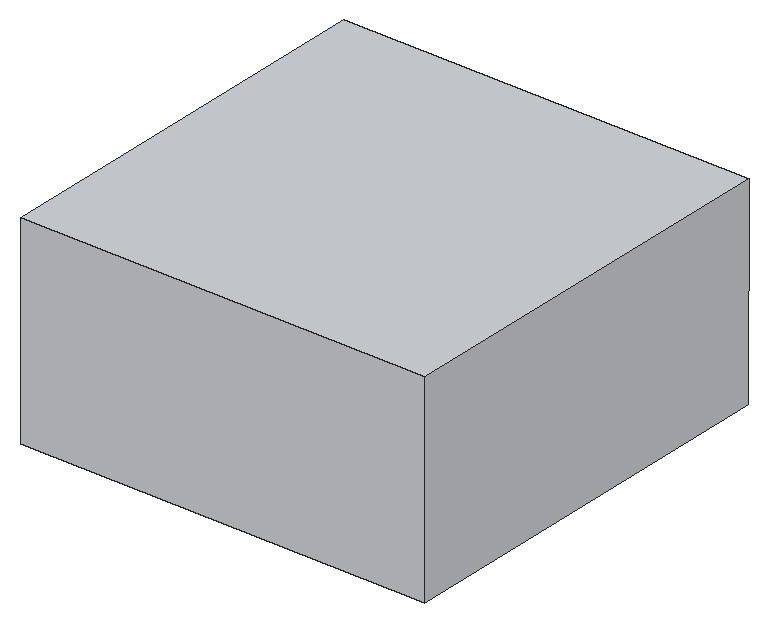
Revit family "Junction Box", category Electrical Fixtures, host Face, Revit 2025
Family settings
  Host = Face
  Round Connector Dimension = Use Diameter
  Part Type = Junction Box
  Cut with Voids When Loaded = No
  Maintain Annotation Orientation = Yes
  Shared = No
  Room Calculation Point = No
Parameters (values of type "Wall Mounted")
  Width = 3"
  Wall Mounted = not(Face Mounted)  # yes
  Symbol Distance [instance] = 0"
  Height = 3"
  Face Mounted = no
  Depth - Top = Depth * 2 / 3  # 1"
  Depth - Back = Depth * 1 / 3  # 1/2"
  Depth = 1 1/2"
  Default Elevation = 48"
Types (2): name | Wall Mounted | Face Mounted
  Face Mounted | no | yes
  Wall Mounted | yes | no
Reference planes (in)
  plane 1 "Center (Front/Back)": y = 0
  plane 2: z = 0
  plane 3 "Center (Left/Right)": x = 0
  plane 4: z = 1
  plane 5 "base": z = -0.5
Forms (in)
  Extrusion 1, solid
    sketch origin (0, 0, -0.5) x (-1, 0, 0) y (0, -1, 0)
      loop
        line (1.5, -1.5) -> (1.5, 1.5) -> (-1.5, 1.5) -> (-1.5, -1.5) -> (1.5, -1.5)
    from 0 to 1.5
Dimensions and locks (in)
  equal spacing: Extrusion 1 sketch curve, plane 3 "Center (Left/Right)", Extrusion 1 sketch curve
  "Width": Extrusion 1 sketch curve to Extrusion 1 sketch curve
  "Height": Extrusion 1 sketch curve to Extrusion 1 sketch curve
  equal spacing: Extrusion 1 sketch curve, plane 1 "Center (Front/Back)", Extrusion 1 sketch curve
  "Depth - Back": plane 2 to plane 5 "base"
  "Depth - Top": plane 4 to plane 2
  aligned and locked: plane 2 to host face
  aligned and locked: level to host face
  aligned and locked: plane 4 to Extrusion 1
Automatic sketch dimensions
  host sketch curve to host sketch curve = 96"  (x2)
Nested families (in)
  nested 1: "Face Mounted" at (0, 0, 0), visible <- "Face Mounted", type "Standard"
  nested 2: "Wall Mounted" at (0, 0, 0), visible <- "Wall Mounted", type "Standard"
Connectors (in)
  electrical at (0, 0, 1)
    settings: on Extrusion 1, index 1, voltage 0 V, apparent load 0 VA, apparent load phase1 0 VA, apparent load phase2 0 VA, apparent load phase3 0 VA, power factor 1, load classification "Other", number of poles 1, system type 31, power factor state 1, is connector primary yes, connector utility no, sub classification motor no, connector description ""
Definition of nested family "Face Mounted"
  Reference planes (in)
    plane 1: y = 0
    plane 2: x = 0
  Lines and regions (in)
    detail lines
      curve 1: circle (0, 0, 0) r 0.125 normal (0, 0, 1)
  Text (in)
    text "J" at (-0.04715, 0.09824, 0)
Definition of nested family "Wall Mounted"
  Parameters (values of type "Standard")
    Symbol Distance = 0"
  Reference planes (in)
    plane 1: y = 0
    plane 2: x = 0
  Lines and regions (in)
    detail lines
      curve 1: circle (0, 0.125, 0) r 0.125 normal (0, 0, 1)
    reference lines
      curve 2: line (-0.1189, 0, 0) -> (0.1311, 0, 0)
    detail lines, not visible
      curve 3: circle (0, 0.125, 0) r 0.125 normal (0, 0, 1)
    reference lines, not visible
      curve 4: line (-0.1189, 0, 0) -> (0.1311, 0, 0)
  Text (in)
    text "J" at (-0.04715, 0.22324, 0)
    text "J" at (-0.04715, 0.22324, 0), not visible
  Dimensions and locks (in)
    "Symbol Distance": plane 1 to curve 2
